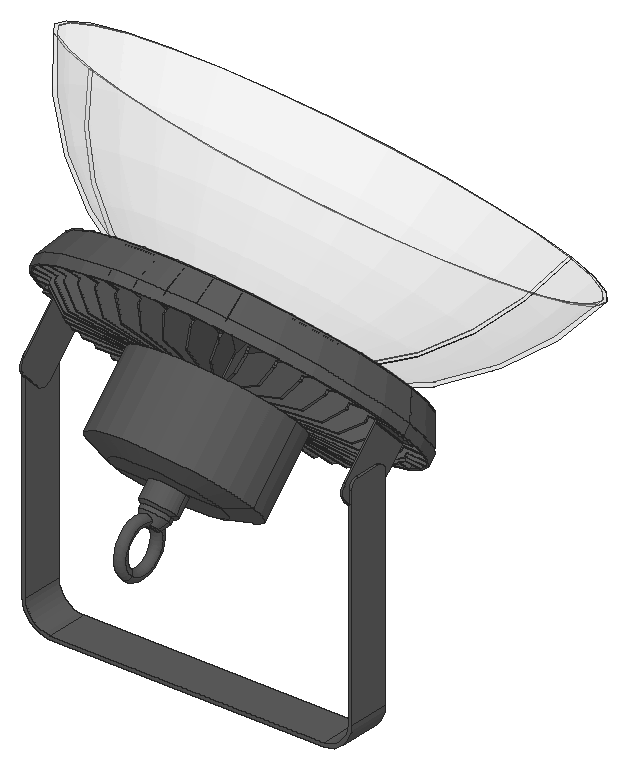
Revit family "0039348+0039354+0039358 Feilo Sylvania Lighting Fixture START HIGHBAY 4K 19KLM WIDE with BRACKET and PC LAMPSHADE TRANSPARENT", category Lighting Fixtures, host Face, Revit 2017 (continued)
Definition of nested family "Start LED Highbay Head"
  Dimensions and locks
    "RHRadius2_FEILO": plane 3 "Center (Left/Right)" to plane 32
    "RHHeight3_FEILO": plane 31 to plane 33
    "RHHeight4_FEILO": plane 33 to plane 34
    "RHRadius3_FEILO": plane 3 "Center (Left/Right)" to plane 35
    "RHHeight1_FEILO": plane 28 to plane 30
    "EyeInner_FEILO": plane 34 to plane 36
    "EyeInner_FEILO": plane 36 to plane 37
    equal spacing: plane 38, plane 3 "Center (Left/Right)", plane 39
    "EyeThickness_FEILO": plane 38 to plane 39
    "EyeThickness_FEILO": plane 37 to plane 40
    equal spacing: plane 37, plane 41, plane 40
    equal spacing: plane 6, plane 42, plane 18
    "ThicknessBracket_FEILO": plane 45 to plane 6
    "ThicknessBracket_FEILO": plane 8 to plane 44
    locked: plane 43 to plane 18 at 1
    equal spacing: plane 24, plane 46, plane 26
    equal spacing: plane 47, plane 1 "Center (Front/Back)", plane 48
    "WidthBracket_FEILO": plane 47 to plane 48
    "WidthRingChamfer_FEILO": plane 50 to plane 49
    "ThicknessWall_FEILO": plane 51 to plane 49
    equal spacing: plane 50, plane 52, plane 51
    "ThicknessBracket_FEILO": plane 54 to plane 50
    locked: plane 53 to plane 51 at 1
    "Radius_FEILO": plane 49 to plane 3 "Center (Left/Right)"
    "ShadeRadiusOut_FEILO": plane 3 "Center (Left/Right)" to plane 55
    "ShadeHeight_FEILO": plane 56 to plane 4
    "ShadeRadiusIn_FEILO": plane 3 "Center (Left/Right)" to plane 57
    locked: plane 58 to plane 57 at 8
    "ShadeThickness_FEILO": plane 60 to plane 4
    "ShadeThickness_FEILO": plane 59 to plane 55
    "EyeThicknessHalf_FEILO": radius of curve 8
    "ThicknessBracket_FEILO": radius of Extrusion 7 sketch curve  (x2)
    "ThicknessBracketHalf_FEILO": radius of Extrusion 7 sketch curve  (x2)
    "ShadeRadiusBend_FEILO": radius of curve 9
    aligned and locked: plane 2 to Extrusion 1
    aligned and locked: level to Extrusion 1
    aligned and locked: plane 5 to curve 1
    aligned and locked: plane 6 to curve 1
    aligned and locked: plane 7 to curve 1
    aligned and locked: plane 10 to curve 2
    aligned and locked: plane 9 to curve 3
    aligned and locked: plane 4 to curve 3
    aligned and locked: plane 11 to curve 3
    aligned and locked: plane 4 to curve 4
    aligned and locked: plane 18 to curve 5
    aligned and locked: plane 10 to curve 5
    aligned and locked: Revolve 2 sketch curve to plane 3 "Center (Left/Right)"
    aligned and locked: Revolve 2 sketch curve to curve 3
    aligned and locked: Revolve 2 sketch curve to curve 1
    aligned and locked: plane 4 to Revolve 2 sketch curve
    aligned and locked: plane 9 to Revolve 2 sketch curve
    aligned and locked: Revolve 2 sketch curve to plane 13
    aligned and locked: Revolve 2 sketch curve to plane 10
    aligned and locked: plane 13 to Revolve 2 sketch curve
    aligned and locked: plane 10 to Revolve 2 sketch curve
    aligned and locked: Revolve 2 sketch curve to plane 18
    aligned and locked: Revolve 2 sketch curve to plane 8
    aligned and locked: plane 5 to Revolve 2 sketch curve  (x2)
    aligned and locked: Revolve 3 sketch curve to plane 3 "Center (Left/Right)"
    aligned and locked: plane 11 to Revolve 3 sketch curve
    aligned and locked: Revolve 3 sketch curve to curve 2
    aligned and locked: plane 15 to Revolve 3 sketch curve
    aligned and locked: Revolve 3 sketch curve to plane 16
    aligned and locked: plane 17 to Revolve 3 sketch curve  (x2)
    aligned and locked: Revolve 3 sketch curve to plane 12
    aligned and locked: plane 7 to Revolve 3 sketch curve
    aligned and locked: Revolve 4 sketch curve to plane 3 "Center (Left/Right)"
    aligned and locked: Revolve 4 sketch curve to plane 14
    aligned and locked: plane 3 "Center (Left/Right)" to Revolve 4 sketch curve
    aligned and locked: Revolve 4 sketch curve to plane 12
    aligned and locked: plane 15 to Revolve 4 sketch curve
    aligned and locked: Revolve 2 sketch curve to curve 5
    aligned and locked: plane 22 to curve 6
    aligned and locked: plane 21 to curve 6
    aligned and locked: plane 20 to curve 6
    aligned and locked: plane 19 to curve 6
    aligned and locked: plane 33 to curve 7
    aligned and locked: plane 32 to curve 7
    aligned and locked: plane 35 to curve 7
    aligned and locked: plane 34 to curve 7
    aligned and locked: Revolve 5 sketch curve to plane 3 "Center (Left/Right)"
    aligned and locked: Revolve 5 sketch curve to plane 25
    aligned and locked: plane 27 to Revolve 5 sketch curve
    aligned and locked: plane 28 to Revolve 5 sketch curve
    aligned and locked: plane 30 to Revolve 5 sketch curve
    aligned and locked: Revolve 5 sketch curve to plane 29
    aligned and locked: plane 31 to Revolve 5 sketch curve
    aligned and locked: Revolve 5 sketch curve to curve 7
    aligned and locked: Revolve 5 sketch curve to plane 32
    aligned and locked: plane 34 to Revolve 5 sketch curve
    aligned and locked: plane 3 "Center (Left/Right)" to Revolve 5 sketch curve
    aligned and locked: plane 3 "Center (Left/Right)" to curve 8
    aligned and locked: plane 41 to curve 8
    aligned and locked: Revolve 6 sketch curve to plane 36
    aligned and locked: Revolve 6 sketch curve to curve 8
    aligned and locked: plane 43 to Extrusion 7 sketch curve  (x2)
    aligned and locked: plane 8 to Extrusion 7 sketch curve  (x3)
    aligned and locked: Extrusion 7 sketch curve to plane 45
    aligned and locked: Extrusion 7 sketch curve to plane 46  (x2)
    aligned and locked: plane 6 to Extrusion 7 sketch curve
    aligned and locked: Extrusion 7 sketch curve to plane 44  (x2)
    aligned and locked: Extrusion 7 to plane 48
    aligned and locked: plane 47 to Extrusion 7
    aligned and locked: plane 53 to Extrusion 7 sketch curve
    aligned and locked: plane 50 to Extrusion 7 sketch curve
    aligned and locked: Extrusion 7 sketch curve to plane 54
    aligned and locked: Extrusion 8 sketch curve to Extrusion 8 sketch curve
    aligned and locked: Extrusion 8 to plane 6
    aligned and locked: Extrusion 8 to Extrusion 7
    aligned and locked: Revolve 5 sketch curve to plane 22
    aligned and locked: plane 23 to nested 1
    aligned and locked: plane 1 "Center (Front/Back)" to nested 1
    aligned and locked: Revolve 9 sketch curve to plane 3 "Center (Left/Right)"
    aligned and locked: Revolve 9 sketch curve to plane 4
    aligned and locked: plane 6 to Revolve 9 sketch curve
    aligned and locked: plane 4 to Revolve 9 sketch curve
    aligned and locked: plane 7 to Revolve 9 sketch curve
    aligned and locked: Revolve 9 sketch curve to plane 5
    aligned and locked: plane 8 to Revolve 9 sketch curve  (x2)
    aligned and locked: Revolve 9 sketch curve to plane 19
    aligned and locked: plane 20 to Revolve 9 sketch curve
    aligned and locked: plane 19 to Revolve 9 sketch curve
    aligned and locked: plane 21 to Revolve 9 sketch curve
    aligned and locked: plane 22 to Revolve 9 sketch curve  (x2)
    aligned and locked: Revolve 9 sketch curve to Revolve 9 sketch curve
    aligned and locked: imposter light to plane 4
    aligned and locked: plane 3 "Center (Left/Right)" to imposter light
    aligned and locked: imposter light to plane 1 "Center (Front/Back)"
    aligned and locked: plane 55 to curve 9
    aligned and locked: plane 56 to curve 9
    aligned and locked: plane 57 to curve 9
    aligned and locked: plane 4 to curve 9
    aligned and locked: Revolve 10 sketch curve to curve 9
    aligned and locked: plane 58 to Revolve 10 sketch curve
    aligned and locked: plane 57 to Revolve 10 sketch curve
    aligned and locked: plane 56 to Revolve 10 sketch curve  (x2)
    aligned and locked: Revolve 10 sketch curve to plane 58
    aligned and locked: plane 60 to Revolve 10 sketch curve
  Automatic sketch dimensions
    Extrusion 1 sketch curve to Extrusion 1 sketch curve = 2438.4 mm  (x2)
    Revolve 2 sketch curve to plane 6 = 0.299 mm
    plane 6 to Revolve 2 sketch curve = 0.459 mm
    Revolve 2 sketch curve to level = 609.6 mm
    Revolve 2 sketch curve to Revolve 2 sketch curve = 2312.223 mm
    Revolve 3 sketch curve to plane 12 = 0 mm
    Revolve 3 sketch curve to plane 3 "Center (Left/Right)" = 0 mm
    Revolve 3 sketch curve to level = 609.6 mm
    Revolve 3 sketch curve to plane 4 = 2339.058 mm
    Revolve 4 sketch curve to level = 609.6 mm
    Revolve 4 sketch curve to plane 4 = 2339.058 mm
    Revolve 6 sketch curve to plane 5 = 1080 mm
    plane 38 to Revolve 6 sketch curve = 1219.2 mm
    Extrusion 8 sketch curve to plane 47 = 0 mm
    plane 46 to Extrusion 8 sketch curve = 0 mm  (x2)
    Extrusion 8 sketch curve to plane 48 = 0 mm
    plane 47 to Extrusion 8 sketch curve = 5 mm
    plane 1 "Center (Front/Back)" to Extrusion 8 sketch curve = 10 mm
    Extrusion 8 sketch curve to Extrusion 8 sketch curve = 10 mm
    plane 46 to Extrusion 8 sketch curve = 5 mm
    Extrusion 8 sketch curve to Extrusion 8 sketch curve = 5 mm
    Extrusion 8 sketch curve to plane 48 = 5 mm
    Revolve 5 sketch curve to plane 26 = 0 mm
    Revolve 5 sketch curve to plane 35 = 0.437 mm
    plane 35 to Revolve 5 sketch curve = 0.847 mm
    Revolve 5 sketch curve to plane 34 = 0.726 mm
    plane 40 to Revolve 5 sketch curve = 590.2 mm
    Revolve 5 sketch curve to plane 4 = 2339.058 mm
    Revolve 9 sketch curve to level = 609.6 mm
    Revolve 9 sketch curve to Revolve 9 sketch curve = 2386.058 mm
    curve 2 to plane 3 "Center (Left/Right)" = 0 mm
    Revolve 10 sketch curve to Revolve 10 sketch curve = 0 mm  (x2)
    Revolve 10 sketch curve to plane 3 "Center (Left/Right)" = 0 mm
    plane 57 to Revolve 10 sketch curve = 0.659 mm
    Revolve 10 sketch curve to level = 609.6 mm
    Revolve 10 sketch curve to Revolve 10 sketch curve = 2068.248 mm
  Nested families
    nested 1: "Start Highbay Rib" at (0, 0, 67.775), type "Type Name", detail levels medium+fine
      with SuspensionHeight_FEILO 2.6 mm
    nested 2: "Start Highbay Rib" at (0, 0, 67.775) x (0.9877, 0.1564, 0) z (0, 0, 1), type "Type Name", detail levels medium+fine
      with SuspensionHeight_FEILO 2.6 mm
    nested 3: "Start Highbay Rib" at (0, 0, 67.775) x (0.9511, 0.309, 0) z (0, 0, 1), type "Type Name", detail levels medium+fine
      with SuspensionHeight_FEILO 2.6 mm
    nested 4: "Start Highbay Rib" at (0, 0, 67.775) x (0.891, 0.454, 0) z (0, 0, 1), type "Type Name", detail levels medium+fine
      with SuspensionHeight_FEILO 2.6 mm
    nested 5: "Start Highbay Rib" at (0, 0, 67.775) x (0.809, 0.5878, 0) z (0, 0, 1), type "Type Name", detail levels medium+fine
      with SuspensionHeight_FEILO 2.6 mm
    nested 6: "Start Highbay Rib" at (0, 0, 67.775) x (0.7071, 0.7071, 0) z (0, 0, 1), type "Type Name", detail levels medium+fine
      with SuspensionHeight_FEILO 2.6 mm
    nested 7: "Start Highbay Rib" at (0, 0, 67.775) x (0.5878, 0.809, 0) z (0, 0, 1), type "Type Name", detail levels medium+fine
      with SuspensionHeight_FEILO 2.6 mm
    nested 8: "Start Highbay Rib" at (0, 0, 67.775) x (0.454, 0.891, 0) z (0, 0, 1), type "Type Name", detail levels medium+fine
      with SuspensionHeight_FEILO 2.6 mm
    nested 9: "Start Highbay Rib" at (0, 0, 67.775) x (0.309, 0.9511, 0) z (0, 0, 1), type "Type Name", detail levels medium+fine
      with SuspensionHeight_FEILO 2.6 mm
    nested 10: "Start Highbay Rib" at (0, 0, 67.775) x (0.1564, 0.9877, 0) z (0, 0, 1), type "Type Name", detail levels medium+fine
      with SuspensionHeight_FEILO 2.6 mm
    nested 11: "Start Highbay Rib" at (0, 0, 67.775) x (0, 1, 0) z (0, 0, 1), type "Type Name", detail levels medium+fine
      with SuspensionHeight_FEILO 2.6 mm
    nested 12: "Start Highbay Rib" at (0, 0, 67.775) x (-0.1564, 0.9877, 0) z (0, 0, 1), type "Type Name", detail levels medium+fine
      with SuspensionHeight_FEILO 2.6 mm
    nested 13: "Start Highbay Rib" at (0, 0, 67.775) x (-0.309, 0.9511, 0) z (0, 0, 1), type "Type Name", detail levels medium+fine
      with SuspensionHeight_FEILO 2.6 mm
    nested 14: "Start Highbay Rib" at (0, 0, 67.775) x (-0.454, 0.891, 0) z (0, 0, 1), type "Type Name", detail levels medium+fine
      with SuspensionHeight_FEILO 2.6 mm
    nested 15: "Start Highbay Rib" at (0, 0, 67.775) x (-0.5878, 0.809, 0) z (0, 0, 1), type "Type Name", detail levels medium+fine
      with SuspensionHeight_FEILO 2.6 mm
    nested 16: "Start Highbay Rib" at (0, 0, 67.775) x (-0.7071, 0.7071, 0) z (0, 0, 1), type "Type Name", detail levels medium+fine
      with SuspensionHeight_FEILO 2.6 mm
    nested 17: "Start Highbay Rib" at (0, 0, 67.775) x (-0.809, 0.5878, 0) z (0, 0, 1), type "Type Name", detail levels medium+fine
      with SuspensionHeight_FEILO 2.6 mm
    nested 18: "Start Highbay Rib" at (0, 0, 67.775) x (-0.891, 0.454, 0) z (0, 0, 1), type "Type Name", detail levels medium+fine
      with SuspensionHeight_FEILO 2.6 mm
    nested 19: "Start Highbay Rib" at (0, 0, 67.775) x (-0.9511, 0.309, 0) z (0, 0, 1), type "Type Name", detail levels medium+fine
      with SuspensionHeight_FEILO 2.6 mm
    nested 20: "Start Highbay Rib" at (0, 0, 67.775) x (-0.9877, 0.1564, 0) z (0, 0, 1), type "Type Name", detail levels medium+fine
      with SuspensionHeight_FEILO 2.6 mm
    nested 21: "Start Highbay Rib" at (0, 0, 67.775) x (-1, 0, 0) z (0, 0, 1), type "Type Name", detail levels medium+fine
      with SuspensionHeight_FEILO 2.6 mm
    nested 22: "Start Highbay Rib" at (0, 0, 67.775) x (-0.9877, -0.1564, 0) z (0, 0, 1), type "Type Name", detail levels medium+fine
      with SuspensionHeight_FEILO 2.6 mm
    nested 23: "Start Highbay Rib" at (0, 0, 67.775) x (-0.9511, -0.309, 0) z (0, 0, 1), type "Type Name", detail levels medium+fine
      with SuspensionHeight_FEILO 2.6 mm
    nested 24: "Start Highbay Rib" at (0, 0, 67.775) x (-0.891, -0.454, 0) z (0, 0, 1), type "Type Name", detail levels medium+fine
      with SuspensionHeight_FEILO 2.6 mm
    nested 25: "Start Highbay Rib" at (0, 0, 67.775) x (-0.809, -0.5878, 0) z (0, 0, 1), type "Type Name", detail levels medium+fine
      with SuspensionHeight_FEILO 2.6 mm
    nested 26: "Start Highbay Rib" at (0, 0, 67.775) x (-0.7071, -0.7071, 0) z (0, 0, 1), type "Type Name", detail levels medium+fine
      with SuspensionHeight_FEILO 2.6 mm
    nested 27: "Start Highbay Rib" at (0, 0, 67.775) x (-0.5878, -0.809, 0) z (0, 0, 1), type "Type Name", detail levels medium+fine
      with SuspensionHeight_FEILO 2.6 mm
    nested 28: "Start Highbay Rib" at (0, 0, 67.775) x (-0.454, -0.891, 0) z (0, 0, 1), type "Type Name", detail levels medium+fine
      with SuspensionHeight_FEILO 2.6 mm
    nested 29: "Start Highbay Rib" at (0, 0, 67.775) x (-0.309, -0.9511, 0) z (0, 0, 1), type "Type Name", detail levels medium+fine
      with SuspensionHeight_FEILO 2.6 mm
    nested 30: "Start Highbay Rib" at (0, 0, 67.775) x (-0.1564, -0.9877, 0) z (0, 0, 1), type "Type Name", detail levels medium+fine
      with SuspensionHeight_FEILO 2.6 mm
    nested 31: "Start Highbay Rib" at (0, 0, 67.775) x (0, -1, 0) z (0, 0, 1), type "Type Name", detail levels medium+fine
      with SuspensionHeight_FEILO 2.6 mm
    nested 32: "Start Highbay Rib" at (0, 0, 67.775) x (0.1564, -0.9877, 0) z (0, 0, 1), type "Type Name", detail levels medium+fine
      with SuspensionHeight_FEILO 2.6 mm
    nested 33: "Start Highbay Rib" at (0, 0, 67.775) x (0.309, -0.9511, 0) z (0, 0, 1), type "Type Name", detail levels medium+fine
      with SuspensionHeight_FEILO 2.6 mm
    nested 34: "Start Highbay Rib" at (0, 0, 67.775) x (0.454, -0.891, 0) z (0, 0, 1), type "Type Name", detail levels medium+fine
      with SuspensionHeight_FEILO 2.6 mm
    nested 35: "Start Highbay Rib" at (0, 0, 67.775) x (0.5878, -0.809, 0) z (0, 0, 1), type "Type Name", detail levels medium+fine
      with SuspensionHeight_FEILO 2.6 mm
    nested 36: "Start Highbay Rib" at (0, 0, 67.775) x (0.7071, -0.7071, 0) z (0, 0, 1), type "Type Name", detail levels medium+fine
      with SuspensionHeight_FEILO 2.6 mm
    nested 37: "Start Highbay Rib" at (0, 0, 67.775) x (0.809, -0.5878, 0) z (0, 0, 1), type "Type Name", detail levels medium+fine
      with SuspensionHeight_FEILO 2.6 mm
    nested 38: "Start Highbay Rib" at (0, 0, 67.775) x (0.891, -0.454, 0) z (0, 0, 1), type "Type Name", detail levels medium+fine
      with SuspensionHeight_FEILO 2.6 mm
    nested 39: "Start Highbay Rib" at (0, 0, 67.775) x (0.9511, -0.309, 0) z (0, 0, 1), type "Type Name", detail levels medium+fine
      with SuspensionHeight_FEILO 2.6 mm
    nested 40: "Start Highbay Rib" at (0, 0, 67.775) x (0.9877, -0.1564, 0) z (0, 0, 1), type "Type Name", detail levels medium+fine
      with SuspensionHeight_FEILO 2.6 mm
  Definition of nested family "Start Highbay Rib"
    Parameters (values of type "Type Name")
      WidthStraight_FEILO = if(SizeS_FEILO, 3 mm, if(SizeM_FEILO, 4 mm, 4.7 mm))  # 3 mm
      WidthRingChamfer_FEILO = if(SizeS_FEILO, 10.3 mm, if(SizeM_FEILO, 11.2 mm, 12.9 mm))  # 10.3 mm
      WidthCurved_FEILO = if(SizeS_FEILO, 17.4 mm, if(SizeM_FEILO, 16.4 mm, 26.2 mm))  # 17.4 mm
      WidthCurvedRing_FEILO = if(SizeS_FEILO, 3 mm, if(SizeM_FEILO, 4 mm, 4.7 mm))  # 3 mm
      WidthBracket_FEILO = 40 mm
      URL = "http://www.feilosylvania.com"
      Type Image = (empty or 0)
      Type Comments = "n/a"
      ThicknessWall_FEILO = 1.5 mm
      ThicknessBracket_FEILO = 1.5 mm
      ThicknessBracketHalf_FEILO = ThicknessBracket_FEILO / 2  # 0.75 mm
      SuspensionHeight_FEILO [instance] = 2.6 mm
      SizeS_FEILO = yes
      SizeM_FEILO = no
      Rib4_FEILO = if(SizeS_FEILO, 18.1 mm, if(SizeM_FEILO, 13.6 mm, 14.6 mm))  # 18.1 mm
      Rib3_FEILO = if(SizeS_FEILO, 15.3 mm, if(SizeM_FEILO, 17.6 mm, 20.2 mm))  # 15.3 mm
      Rib2_FEILO = if(SizeS_FEILO, 3.6 mm, if(SizeM_FEILO, 3.9 mm, 4.5 mm))  # 3.6 mm
      Rib1_FEILO = if(SizeS_FEILO, 15.1 mm, if(SizeM_FEILO, 16.5 mm, 19 mm))  # 15.1 mm
      RadiusRib_FEILO = 2 mm
      RadiusDiffuser_FEILO = if(SizeS_FEILO, 95.2 mm, if(SizeM_FEILO, 105.3 mm, 120 mm))  # 95.2 mm
      RHRadius3_FEILO = if(SizeS_FEILO, 6.6 mm, if(SizeM_FEILO, 7.4 mm, 8.6 mm))  # 6.6 mm
      RHRadius2_FEILO = if(SizeS_FEILO, 11 mm, if(SizeM_FEILO, 12 mm, 14 mm))  # 11 mm
      RHRadius1_FEILO = if(SizeS_FEILO, 13.6 mm, if(SizeM_FEILO, 14.9 mm, 17.7 mm))  # 13.6 mm
      RHHeight4_FEILO = if(SizeS_FEILO, 7.3 mm, if(SizeM_FEILO, 8 mm, 9.2 mm))  # 7.3 mm
      RHHeight3_FEILO = if(SizeS_FEILO, 3.6 mm, if(SizeM_FEILO, 3.7 mm, 4.6 mm))  # 3.6 mm
      RHHeight2_FEILO = if(SizeS_FEILO, 2 mm, if(SizeM_FEILO, 2.2 mm, 2.6 mm))  # 2 mm
      RHHeight1_FEILO = if(SizeS_FEILO, 11.8 mm, if(SizeM_FEILO, 15.3 mm, 17.4 mm))  # 11.8 mm
      Material_3_FEILO = none
      Model = ""
      Manufacturer = "Feilo Sylvania"
      Keynote = "16500"
      HeightRing_FEILO = if(SizeS_FEILO, 19.8 mm, if(SizeM_FEILO, 32 mm, 36.8 mm))  # 19.8 mm
      HeightRingChamfer_FEILO = if(SizeS_FEILO, 11.7 mm, if(SizeM_FEILO, 23.2 mm, 26.6 mm))  # 11.7 mm
      EyeThickness_FEILO = if(SizeS_FEILO, 8.4 mm, if(SizeM_FEILO, 9.2 mm, 10.5 mm))  # 8.4 mm
      EyeThicknessHalf_FEILO = EyeThickness_FEILO / 2  # 4.2 mm
      EyeInner_FEILO = if(SizeS_FEILO, 13.8 mm, if(SizeM_FEILO, 15.1 mm, 17.3 mm))  # 13.8 mm
      DriverVerticalStraight_FEILO = if(SizeS_FEILO, 46.5 mm, if(SizeM_FEILO, 49.7 mm, 57 mm))  # 46.5 mm
      DriverVerticalChamfer_FEILO = if(SizeS_FEILO, 7.5 mm, if(SizeM_FEILO, 8.2 mm, 9.5 mm))  # 7.5 mm
      DriverRadius_FEILO = if(SizeS_FEILO, 61.4 mm, if(SizeM_FEILO, 67.2 mm, 76.4 mm))  # 61.4 mm
      DriverRadiusTop_FEILO = if(SizeS_FEILO, 42 mm, if(SizeM_FEILO, 45.3 mm, 52.4 mm))  # 42 mm
      DriverBottom_FEILO = if(SizeS_FEILO, 56 mm, if(SizeM_FEILO, 64.5 mm, 74 mm))  # 56 mm
      Material_2_FEILO = none
      Radius_FEILO = if(SizeS_FEILO, 135 mm, if(SizeM_FEILO, 148 mm, 169.5 mm))  # 135 mm
      Description = ""
      Default Elevation = 1219.2 mm
      Cost = 0
      Material_1_FEILO = none
      Assembly Code = "D5020200"
      Material_4_FEILO = none
    Reference planes
      plane 1 "Center (Front/Back)": y = 0
      plane 2: z = 0
      plane 3 "Center (Left/Right)": x = 0
      plane 4: z = 2.6
      plane 5: x = -135
      plane 6: x = -124.7
      plane 7: z = -9.1
      plane 8: z = -17.2
      plane 9: x = -121.7
      plane 10: z = -0.025
      plane 11: x = -104.3
      plane 12: x = -95.2
      plane 13: x = -118.7
      plane 14: z = 0.975
      plane 15: z = -1.025
      plane 16: x = -92.2
      plane 17: z = -2.025
      plane 18: x = -133.5
      plane 19: x = -119.9
      plane 20: z = -20.8
      plane 21: x = -104.6
      plane 22: z = -38.9
      plane 23: x = -20
      plane 24: z = -53.4
      plane 25: x = -61.4
      plane 26: z = -99.9
      plane 27: x = -42
      plane 28: z = -107.4
      plane 29: x = -13.6
      plane 30: z = -119.2
      plane 31: z = -121.2
      plane 32: x = -11
      plane 33: z = -124.8
      plane 34: z = -132.1
      plane 35: x = -6.6
      plane 36: z = -145.9
      plane 37: z = -159.7
      plane 38: x = 4.2
      plane 39: x = -4.2
      plane 40: z = -168.1
      plane 41: z = -163.9
      plane 42: x = -129.1
      plane 43: x = -132.5
      plane 44: z = -18.7
      plane 45: x = -123.2
      plane 46: z = -76.65
      plane 47: y = -20
      plane 48: y = 20
      plane 49: x = 135
      plane 50: x = 124.7
      plane 51: x = 133.5
      plane 52: x = 129.1
      plane 53: x = 132.5
      plane 54: x = 123.2
      plane 55: y = 0.75
      plane 56: y = -0.75
    Forms (mm)
      Extrusion 1, solid
        sketch origin (4.2, 0, 0) x (1, 0, 0) y (0, 1, 0)
          loop
            line (-1219.2, 1219.2) -> (-1219.2, -1219.2) -> (1219.2, -1219.2) -> (1219.2, 1219.2) -> (-1219.2, 1219.2)
        from 0 to -68.017
      Extrusion 2, solid, material <- "Material_1_FEILO"
        sketch origin (0, 0, 0) x (1, 0, 0) y (0, 0, 1)
          loop
            arc (-104.3, -0.025) -> (-111.555, 0.423) -> (-118.7, 1.76) r 58.981
            line (-118.7, 1.76) -> (-118.7, -0.025) -> (-125.012, -0.025) -> (-133.5, -9.666) -> (-133.5, -17.2) -> (-119.9, -17.2) -> (-119.9, -20.068)
            arc (-119.9, -20.068) -> (-119.778, -20.755) -> (-119.427, -21.359) r 2
            line (-119.427, -21.359) -> (-104.966, -38.467)
            arc (-104.966, -38.467) -> (-104.381, -38.789) -> (-103.723, -38.9) r 2
            line (-103.723, -38.9) -> (-20, -38.9) -> (-20, -9.1) -> (-95.2, -9.1) -> (-95.2, -2.025) -> (-104.3, -2.025) -> (-104.3, -0.025)
        from -0.75 to 0.75
    Lines and regions (mm)
      reference lines
        curve 1: line (-135, 0, -9.1) -> (-124.7, 0, 2.6)
        curve 2: line (-104.3, 0, -0.025) -> (0, 0, -0.025)
        curve 3: arc (-104.3, 0, -0.025) -> (-113.098, 0, 0.635) -> (-121.7, 0, 2.6) r 58.981
        curve 4: line (-124.7, 0, 2.6) -> (-121.7, 0, 2.6)
        curve 5: line (-125.012, 0, -0.025) -> (-133.5, 0, -9.666)
        curve 6: line (-119.9, 0, -20.8) -> (-104.6, 0, -38.9)
    Dimensions and locks
      "Radius_FEILO": plane 3 "Center (Left/Right)" to plane 5
      "WidthRingChamfer_FEILO": plane 6 to plane 5
      "WidthStraight_FEILO": plane 9 to plane 6
      "WidthCurvedRing_FEILO": plane 13 to plane 9
      locked: plane 10 to plane 15 at 1
      locked: plane 14 to plane 10 at 1
      locked: plane 4 to plane 10 at 2.625
      locked: plane 15 to plane 17 at 1
      "ThicknessWall_FEILO": plane 18 to plane 5
      "ThicknessWall_FEILO": curve 5 to curve 1
      "HeightRingChamfer_FEILO": plane 4 to plane 7
      "HeightRing_FEILO": plane 4 to plane 8
      "RadiusDiffuser_FEILO": plane 3 "Center (Left/Right)" to plane 12
      locked: plane 16 to plane 12 at 3
      "WidthCurved_FEILO": plane 11 to plane 9
      "SuspensionHeight_FEILO": plane 4 to plane 2
      "Rib1_FEILO": plane 19 to plane 5
      "Rib2_FEILO": plane 8 to plane 20
      "Rib3_FEILO": plane 21 to plane 19
      "Rib4_FEILO": plane 20 to plane 22
      locked: plane 3 "Center (Left/Right)" to plane 23 at 20
      "DriverBottom_FEILO": plane 4 to plane 24
      "DriverRadius_FEILO": plane 3 "Center (Left/Right)" to plane 25
      "DriverVerticalStraight_FEILO": plane 24 to plane 26
      "DriverRadiusTop_FEILO": plane 3 "Center (Left/Right)" to plane 27
      "DriverVerticalChamfer_FEILO": plane 26 to plane 28
      "RHRadius1_FEILO": plane 3 "Center (Left/Right)" to plane 29
      "RHHeight2_FEILO": plane 30 to plane 31
      "RHRadius2_FEILO": plane 3 "Center (Left/Right)" to plane 32
      "RHHeight3_FEILO": plane 31 to plane 33
      "RHHeight4_FEILO": plane 33 to plane 34
      "RHRadius3_FEILO": plane 3 "Center (Left/Right)" to plane 35
      "RHHeight1_FEILO": plane 28 to plane 30
      "EyeInner_FEILO": plane 34 to plane 36
      "EyeInner_FEILO": plane 36 to plane 37
      equal spacing: plane 38, plane 3 "Center (Left/Right)", plane 39
      "EyeThickness_FEILO": plane 38 to plane 39
      "EyeThickness_FEILO": plane 37 to plane 40
      equal spacing: plane 37, plane 41, plane 40
      equal spacing: plane 6, plane 42, plane 18
      "ThicknessBracket_FEILO": plane 45 to plane 6
      "ThicknessBracket_FEILO": plane 8 to plane 44
      locked: plane 43 to plane 18 at 1
      equal spacing: plane 24, plane 46, plane 26
      equal spacing: plane 47, plane 1 "Center (Front/Back)", plane 48
      "WidthBracket_FEILO": plane 47 to plane 48
      "WidthRingChamfer_FEILO": plane 50 to plane 49
      "ThicknessWall_FEILO": plane 51 to plane 49
      equal spacing: plane 50, plane 52, plane 51
      "ThicknessBracket_FEILO": plane 54 to plane 50
      locked: plane 53 to plane 51 at 1
      "Radius_FEILO": plane 49 to plane 3 "Center (Left/Right)"
      equal spacing: plane 56, plane 1 "Center (Front/Back)", plane 55
      "ThicknessWall_FEILO": plane 56 to plane 55
      "RadiusRib_FEILO": radius of Extrusion 2 sketch curve  (x2)
      aligned and locked: plane 2 to Extrusion 1
      aligned and locked: level to Extrusion 1
      aligned and locked: plane 5 to curve 1
      aligned and locked: plane 6 to curve 1
      aligned and locked: plane 7 to curve 1
      aligned and locked: plane 10 to curve 2
      aligned and locked: plane 9 to curve 3
      aligned and locked: plane 4 to curve 3
      aligned and locked: plane 11 to curve 3
      aligned and locked: plane 4 to curve 4
      aligned and locked: plane 18 to curve 5
      aligned and locked: plane 10 to curve 5
      aligned and locked: plane 22 to curve 6
      aligned and locked: plane 21 to curve 6
      aligned and locked: plane 20 to curve 6
      aligned and locked: plane 19 to curve 6
      aligned and locked: Extrusion 2 sketch curve to plane 23
      aligned and locked: Extrusion 2 sketch curve to plane 22
      aligned and locked: Extrusion 2 sketch curve to curve 6
      aligned and locked: plane 19 to Extrusion 2 sketch curve
      aligned and locked: Extrusion 2 sketch curve to plane 8
      aligned and locked: Extrusion 2 sketch curve to curve 5
      aligned and locked: Extrusion 2 sketch curve to curve 3
      aligned and locked: Extrusion 2 to plane 55
      aligned and locked: plane 56 to Extrusion 2
      aligned and locked: curve 6 to Extrusion 2 sketch curve
    Automatic sketch dimensions
      Extrusion 1 sketch curve to Extrusion 1 sketch curve = 2438.4 mm  (x2)
      curve 2 to plane 3 "Center (Left/Right)" = 0 mm
      Extrusion 2 sketch curve to plane 18 = 0 mm
      Extrusion 2 sketch curve to plane 10 = 0 mm
      Extrusion 2 sketch curve to plane 13 = 0 mm
      Extrusion 2 sketch curve to plane 7 = 0 mm
      Extrusion 2 sketch curve to plane 12 = 0 mm
      Extrusion 2 sketch curve to plane 17 = 0 mm
      plane 19 to Extrusion 2 sketch curve = 0.473 mm
      Extrusion 2 sketch curve to plane 21 = 0.366 mm
